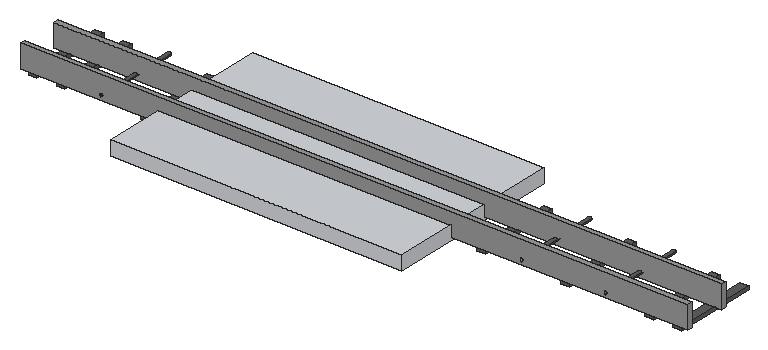
Revit family "1414-2, Veneer", category Generic Models, host Face, Revit 2020
Family settings
  Host = Face
  Can host rebar = No
  Round Connector Dimension = Use Diameter
  Part Type = Normal
  Cut with Voids When Loaded = No
  Shared = No
  Room Calculation Point = No
Parameters
  min_value [instance] = 2' - 4"  # constant formula
  max_value [instance] = 9' - 11 1/4"  # constant formula
  actual_value [instance] = if(NET LENGTH < min_value, min_value, if(NET LENGTH > max_value, max_value, NET LENGTH))  # 7' - 11 1/4"
  NET LENGTH [instance] = 7' - 11 1/4"
  IMPORTANT NOTE!!!                                                                             *Backer & dowel layout is for visualization purposes only, final layout to be determined by 9Wood. [instance] = ""
  Default Elevation = 4' - 0"
  DOWEL RADIUS [instance] = 0' - 0 1/4"  # constant formula
  BACKER & DOWEL MATERIAL [instance] = BLACK-BACKERS
  .. MEMBER WIDTH [instance] = 0' - 0 3/4"  # constant formula
  .. MEMBER MATERIAL [instance] = Veneer Cherry
  .. MEMBER DEPTH [instance] = 0' - 3 1/4"  # constant formula
  .. MEMBER COUNT [instance] = 2  # constant formula
Reference planes (in)
  plane 1 "Center (Front/Back)": y = 0
  plane 2: z = 0
  plane 3 "Center (Left/Right)": x = 0
Forms (in)
  Extrusion 1, solid
    sketch origin (0, 0, 0) x (1, 0, 0) y (0, 1, 0)
      loop
        line (-24.24823, 14.63962) -> (-24.24823, -10.69266) -> (17.36192, -10.69266) -> (17.36192, 14.63962) -> (-24.24823, 14.63962)
    from 0 to 2.0625
Dimensions and locks (in)
  aligned and locked: plane 2 to Extrusion 1
  aligned and locked: nested 1 to plane 2
Nested families (in)
  nested 1: "1400 series" at (-44.01308, -2.1224, -0.06061), NET LENGTH <- "actual_value", .. MEMBER DEPTH <- ".. MEMBER DEPTH", .. MEMBER WIDTH <- ".. MEMBER WIDTH", DOWEL RADIUS <- "DOWEL RADIUS", BACKER & DOWEL MATERIAL <- "BACKER & DOWEL MATERIAL", .. MEMBER MATERIAL <- ".. MEMBER MATERIAL", MEMBER COUNT <- ".. MEMBER COUNT", type "1400 series"
    with X 7' - 8", SCRIM MATERIAL SCRIM, SCRIM LENGTH 8' - 1", SCRIM APPEARANCE yes, SCRIM 2 0' - 0 7/8", SCRIM 1 0' - 0 3/32", OC TYP 1' - 0", NET LENGTH 7' - 11 1/4", N 8, MEMBER COUNT 2, INSET 2 0' - 0 3/16", INSET 0' - 1", HALF MEMBER WIDTH 0' - 0 3/8", END BACKER yes, DOWEL RADIUS 0' - 0 1/4", DOWEL INDEX 0' - 11 5/8", DOWEL COUNT 7, BACKING M COUNT 8, BACKER WIDTH 0' - 1 1/4", BACKER INDEX 0' - 5 5/8", BACKER DEPTH 0' - 0 1/2", BACKER & DOWEL MATERIAL BLACK-BACKERS, BACKER &  DOWEL LENGTH 0' - 11 7/8", .. MEMBER WIDTH 0' - 0 3/4", .. MEMBER OC TYP 0' - 6", .. MEMBER MATERIAL Veneer Cherry, .. MEMBER DEPTH 0' - 3 1/4"
Definition of nested family "1400 series"
  Parameters (values of type "1400 series")
    X [instance] = NET LENGTH - 0' 3 1/4"  # 7' - 2"
    SCRIM MATERIAL [instance] = none
    SCRIM APPEARANCE [instance] = yes
    SCRIM 2 [instance] = 0' - 0 7/8"  # constant formula
    SCRIM 1 [instance] = 0' - 0 3/32"  # constant formula
    OC TYP [instance] = 1' - 0"  # constant formula
    N [instance] = if((X - (rounddown(X / 1' 0") * 1' 0")) > 1' 0", rounddown(X / 1' 0") + 2, rounddown(X / 1' 0") + 1)  # 8
    MEMBER COUNT [instance] = 2
    INSET 5 = 0' - 0 11/16"  # constant formula
    INSET 2 [instance] = 0' - 0 3/16"  # constant formula
    INSET [instance] = 0' - 1"  # constant formula
    END BACKER [instance] = BACKER INDEX > 0' 3 5/8"  # no
    HALF MEMBER WIDTH [instance] = .. MEMBER WIDTH / 2  # 0' - 1 1/8"
    Default Elevation = 0' - 0"
    DOWEL RADIUS [instance] = 0' - 0 1/4"
    DOWEL INDEX [instance] = BACKER INDEX + 0' 6"  # 0' - 8 5/8"
    DOWEL COUNT [instance] = N - 1  # 7
    BACKER WIDTH [instance] = 0' - 1 1/4"  # constant formula
    BACKER INDEX [instance] = (NET LENGTH - ((N - 1) * 1' 0")) / 2  # 0' - 2 5/8"
    BACKER DEPTH [instance] = 0' - 0 1/2"  # constant formula
    BACKING M COUNT [instance] = N  # 8
    BACKER & DOWEL MATERIAL [instance] = none
    BACKER &  DOWEL LENGTH [instance] = 0' - 11 7/8"  # constant formula
    SCRIM LENGTH [instance] = NET LENGTH + (SCRIM 2 * 2)  # 7' - 7"
    .. MEMBER WIDTH [instance] = 0' - 2 1/4"
    .. MEMBER OC TYP [instance] = 1' 0" / MEMBER COUNT  # 0' - 6"
    .. MEMBER MATERIAL [instance] = none
    NET LENGTH [instance] = 7' - 5 1/4"
    .. MEMBER DEPTH [instance] = 0' - 4"
  Reference planes (in)
    plane 1 "Center (Front/Back)": y = 0
    plane 2: z = 0
    plane 3 "Center (Left/Right)": x = 0
    plane 4: x = 89.25
    plane 5: x = 1
    plane 6: x = 88.25
    plane 7: x = 2.625
    plane 8: x = 8.625
    plane 9: x = 14.625
    plane 10: x = 20.625
    plane 11: y = 0.1875
    plane 12: y = 1.125
    plane 13: y = 7.125
    plane 14: y = 12.0625
    plane 15: x = 90.125
    plane 16: x = -0.875
    plane 17: y = 12.15625
    plane 18: y = -0.09375
    plane 19: z = 2.7097
    plane 20: z = 0.56061
    plane 21: z = 1.24811
  Lines and regions (in)
    model lines, not visible
      curve 1: line (8.625, 0, 0.99811) -> (8.625, 0, 1.49811)
      curve 2: line (8.625, 0, 1.49811) -> (8.375, 0, 1.24811)
      curve 3: line (8.375, 0, 1.24811) -> (8.875, 0, 1.24811)
      curve 4: line (20.625, 0, 0.99811) -> (20.625, 0, 1.49811)
      curve 5: line (20.625, 0, 1.49811) -> (20.375, 0, 1.24811)
      curve 6: line (20.375, 0, 1.24811) -> (20.875, 0, 1.24811)
      curve 7: line (32.625, 0, 0.99811) -> (32.625, 0, 1.49811)
      curve 8: line (32.625, 0, 1.49811) -> (32.375, 0, 1.24811)
      curve 9: line (32.375, 0, 1.24811) -> (32.875, 0, 1.24811)
      curve 10: line (44.625, 0, 0.99811) -> (44.625, 0, 1.49811)
      curve 11: line (44.625, 0, 1.49811) -> (44.375, 0, 1.24811)
      curve 12: line (44.375, 0, 1.24811) -> (44.875, 0, 1.24811)
      curve 13: line (56.625, 0, 0.99811) -> (56.625, 0, 1.49811)
      curve 14: line (56.625, 0, 1.49811) -> (56.375, 0, 1.24811)
      curve 15: line (56.375, 0, 1.24811) -> (56.875, 0, 1.24811)
      curve 16: line (68.625, 0, 0.99811) -> (68.625, 0, 1.49811)
      curve 17: line (68.625, 0, 1.49811) -> (68.375, 0, 1.24811)
      curve 18: line (68.375, 0, 1.24811) -> (68.875, 0, 1.24811)
      curve 19: line (80.625, 0, 0.99811) -> (80.625, 0, 1.49811)
      curve 20: line (80.625, 0, 1.49811) -> (80.375, 0, 1.24811)
      curve 21: line (80.375, 0, 1.24811) -> (80.875, 0, 1.24811)
  Dimensions and locks (in)
    "INSET": plane 3 "Center (Left/Right)" to plane 5
    "NET LENGTH": plane 3 "Center (Left/Right)" to plane 4
    "INSET": plane 6 to plane 4
    "BACKER INDEX": plane 3 "Center (Left/Right)" to plane 7
    "DOWEL INDEX": plane 3 "Center (Left/Right)" to plane 8
    "OC TYP": plane 7 to plane 9
    "OC TYP": plane 8 to plane 10
    "INSET 2": plane 1 "Center (Front/Back)" to plane 11
    equal spacing: group 1, group 2, group 5, group 6, group 7, group 13, group 14, group 16  (x3)
    equal spacing: group 3, group 4, group 8, group 9, group 10, group 15, group 17  (x3)
    group 11 to group 12 = 0' - 0"  (x2)
    group 11 to group 12 = 0' - 6"
    ".. MEMBER OC TYP": plane 13 to plane 12
    "HALF MEMBER WIDTH": plane 1 "Center (Front/Back)" to plane 12
    "SCRIM 2": plane 16 to plane 3 "Center (Left/Right)"
    "SCRIM 2": plane 4 to plane 15
    "SCRIM 1": plane 18 to plane 1 "Center (Front/Back)"
    "SCRIM 1": plane 17 to plane 14
    "INSET 5": plane 21 to plane 20
    aligned and locked: level to plane 2
    aligned and locked: plane 7 to nested 2
    aligned and locked: plane 5 to nested 1
    aligned and locked: plane 9 to nested 3
    aligned and locked: nested 1 to plane 5
    aligned and locked: nested 2 to plane 11
    aligned and locked: nested 1 to plane 11
    aligned and locked: nested 3 to plane 11
    aligned and locked: nested 4 to plane 11  (x2)
    aligned and locked: plane 10 to nested 5
    aligned and locked: plane 6 to nested 12
    aligned and locked: nested 5 to plane 11
    aligned and locked: plane 11 to nested 12
    aligned and locked: plane 12 to nested 13
    aligned and locked: nested 14 to plane 13
    aligned and locked: plane 14 to nested 8
    aligned and locked: nested 13 to plane 20
    aligned and locked: plane 21 to nested 4
    aligned and locked: plane 21 to nested 5
    aligned and locked: nested 13 to plane 8
    aligned and locked: plane 10 to nested 13
    aligned and locked: curve 1 to nested 13
    aligned and locked: nested 13 to curve 4
    aligned and locked: plane 20 to nested 1
    aligned and locked: plane 20 to nested 2
    aligned and locked: nested 12 to plane 20
  Automatic sketch dimensions
    curve 3 to curve 1 = 0' - 0 1/4"  (x2)
    curve 1 to curve 3 = 0' - 0 1/4"
    curve 1 to curve 2 = 0' - 0 1/4"
    curve 6 to curve 4 = 0' - 0 1/4"  (x2)
    curve 4 to curve 6 = 0' - 0 1/4"
    curve 4 to curve 5 = 0' - 0 1/4"
    curve 9 to curve 7 = 0' - 0 1/4"  (x2)
    curve 7 to curve 9 = 0' - 0 1/4"
    curve 7 to curve 8 = 0' - 0 1/4"
    curve 12 to curve 10 = 0' - 0 1/4"  (x2)
    curve 10 to curve 12 = 0' - 0 1/4"
    curve 10 to curve 11 = 0' - 0 1/4"
    curve 15 to curve 13 = 0' - 0 1/4"  (x2)
    curve 13 to curve 15 = 0' - 0 1/4"
    curve 13 to curve 14 = 0' - 0 1/4"
    curve 18 to curve 16 = 0' - 0 1/4"  (x2)
    curve 16 to curve 18 = 0' - 0 1/4"
    curve 16 to curve 17 = 0' - 0 1/4"
    curve 21 to curve 19 = 0' - 0 1/4"  (x2)
    curve 19 to curve 21 = 0' - 0 1/4"
    curve 19 to curve 20 = 0' - 0 1/4"
  Nested families (in)
    nested 1: "INSTANCE - 3RD -  EXTEND BOTH SIDES - Parametric Cube.0001" at (1, 0.1875, 0.56061), Length <- "BACKER &  DOWEL LENGTH", Width <- "BACKER WIDTH", Height <- "BACKER DEPTH", Material <- "BACKER & DOWEL MATERIAL", visible <- "END BACKER", type "INSTANCE - 3RD -  EXTEND BOTH SIDES - Parametric Cube.0001"
      with Width 0' - 1 1/4", Material none, Length 0' - 11 7/8", Height 0' - 0 1/2"
    nested 2: "INSTANCE - 2ND -  EXTEND SIDE H CENTER W - Parametric Cube.0001" at (2.625, 0.1875, 0.56061), Width <- "BACKER WIDTH", Length <- "BACKER &  DOWEL LENGTH", Height <- "BACKER DEPTH", Material <- "BACKER & DOWEL MATERIAL", type "INSTANCE - 2ND -  EXTEND SIDE H CENTER W - Parametric Cube.0001"
      with Width 0' - 1 1/4", Material none, Length 0' - 11 7/8", Height 0' - 0 1/2"
    nested 3: "INSTANCE - 2ND -  EXTEND SIDE H CENTER W - Parametric Cube.0001" at (14.625, 0.1875, 0.56061), Width <- "BACKER WIDTH", Length <- "BACKER &  DOWEL LENGTH", Height <- "BACKER DEPTH", Material <- "BACKER & DOWEL MATERIAL", type "INSTANCE - 2ND -  EXTEND SIDE H CENTER W - Parametric Cube.0001"
      with Width 0' - 1 1/4", Material none, Length 0' - 11 7/8", Height 0' - 0 1/2"
    nested 4: "DOWEL" at (-1.375, 0.1875, 1.24811), DOWEL LENGTH <- "BACKER &  DOWEL LENGTH", DOWEL RADII <- "DOWEL RADIUS", BACKING MEM MATERIAL <- "BACKER & DOWEL MATERIAL", type "DOWEL"
      with DOWEL RADII 0' - 0 1/4", DOWEL LENGTH 0' - 11 7/8", BACKING MEM MATERIAL none
    nested 5: "DOWEL" at (10.625, 0.1875, 1.24811), DOWEL LENGTH <- "BACKER &  DOWEL LENGTH", DOWEL RADII <- "DOWEL RADIUS", BACKING MEM MATERIAL <- "BACKER & DOWEL MATERIAL", type "DOWEL"
      with DOWEL RADII 0' - 0 1/4", DOWEL LENGTH 0' - 11 7/8", BACKING MEM MATERIAL none
    nested 6: "INSTANCE - 2ND -  EXTEND SIDE H CENTER W - Parametric Cube.0001" at (26.625, 0.1875, 0.56061), Width <- "BACKER WIDTH", Length <- "BACKER &  DOWEL LENGTH", Height <- "BACKER DEPTH", Material <- "BACKER & DOWEL MATERIAL", type "INSTANCE - 2ND -  EXTEND SIDE H CENTER W - Parametric Cube.0001"
      with Width 0' - 1 1/4", Material none, Length 0' - 11 7/8", Height 0' - 0 1/2"
    nested 7: "INSTANCE - 2ND -  EXTEND SIDE H CENTER W - Parametric Cube.0001" at (38.625, 0.1875, 0.56061), Width <- "BACKER WIDTH", Length <- "BACKER &  DOWEL LENGTH", Height <- "BACKER DEPTH", Material <- "BACKER & DOWEL MATERIAL", type "INSTANCE - 2ND -  EXTEND SIDE H CENTER W - Parametric Cube.0001"
      with Width 0' - 1 1/4", Material none, Length 0' - 11 7/8", Height 0' - 0 1/2"
    nested 8: "INSTANCE - 2ND -  EXTEND SIDE H CENTER W - Parametric Cube.0001" at (50.625, 0.1875, 0.56061), Width <- "BACKER WIDTH", Length <- "BACKER &  DOWEL LENGTH", Height <- "BACKER DEPTH", Material <- "BACKER & DOWEL MATERIAL", type "INSTANCE - 2ND -  EXTEND SIDE H CENTER W - Parametric Cube.0001"
      with Width 0' - 1 1/4", Material none, Length 0' - 11 7/8", Height 0' - 0 1/2"
    nested 9: "DOWEL" at (22.625, 0.1875, 1.24811), DOWEL LENGTH <- "BACKER &  DOWEL LENGTH", DOWEL RADII <- "DOWEL RADIUS", BACKING MEM MATERIAL <- "BACKER & DOWEL MATERIAL", type "DOWEL"
      with DOWEL RADII 0' - 0 1/4", DOWEL LENGTH 0' - 11 7/8", BACKING MEM MATERIAL none
    nested 10: "DOWEL" at (34.625, 0.1875, 1.24811), DOWEL LENGTH <- "BACKER &  DOWEL LENGTH", DOWEL RADII <- "DOWEL RADIUS", BACKING MEM MATERIAL <- "BACKER & DOWEL MATERIAL", type "DOWEL"
      with DOWEL RADII 0' - 0 1/4", DOWEL LENGTH 0' - 11 7/8", BACKING MEM MATERIAL none
    nested 11: "DOWEL" at (46.625, 0.1875, 1.24811), DOWEL LENGTH <- "BACKER &  DOWEL LENGTH", DOWEL RADII <- "DOWEL RADIUS", BACKING MEM MATERIAL <- "BACKER & DOWEL MATERIAL", type "DOWEL"
      with DOWEL RADII 0' - 0 1/4", DOWEL LENGTH 0' - 11 7/8", BACKING MEM MATERIAL none
    nested 12: "INSTANCE - 3RD -  EXTEND BOTH SIDES - Parametric Cube.0001" at (88.25, 0.1875, 0.56061) x (-1, 0, 0) z (0, 0, 1), Width <- "BACKER WIDTH", Length <- "BACKER &  DOWEL LENGTH", Height <- "BACKER DEPTH", Material <- "BACKER & DOWEL MATERIAL", visible <- "END BACKER", type "INSTANCE - 3RD -  EXTEND BOTH SIDES - Parametric Cube.0001"
      with Width 0' - 1 1/4", Material none, Length 0' - 11 7/8", Height 0' - 0 1/2"
    nested 13: "HOLED MEMBER" at (0, -9.75, 8.12965), DOWEL INDEX <- "DOWEL INDEX", .. MEMBER LENGTH <- "NET LENGTH", .. MEMBER WIDTH <- ".. MEMBER WIDTH", DOWEL OC DIST <- "OC TYP", DOWEL RADII <- "DOWEL RADIUS", Material <- ".. MEMBER MATERIAL", DEPTH <- ".. MEMBER DEPTH", DOWEL COUNT <- "DOWEL COUNT", Space <- "INSET 5", type "HOLED MEMBER"
      with Space 0' - 0 11/16", Material none, Height 0' - 10.43096", HALF MEMBER WIDTH 0' - 1 1/8", DOWEL RADII 0' - 0 1/4", DOWEL OC DIST 1' - 0", DOWEL INDEX 0' - 8 5/8", DOWEL COUNT 7, DEPTH 0' - 4", .. MEMBER WIDTH 0' - 2 1/4", .. MEMBER LENGTH 7' - 5 1/4"
    nested 14: "HOLED MEMBER" at (0, -3.75, 8.12965), DOWEL INDEX <- "DOWEL INDEX", .. MEMBER LENGTH <- "NET LENGTH", .. MEMBER WIDTH <- ".. MEMBER WIDTH", DOWEL OC DIST <- "OC TYP", DOWEL RADII <- "DOWEL RADIUS", Material <- ".. MEMBER MATERIAL", DEPTH <- ".. MEMBER DEPTH", DOWEL COUNT <- "DOWEL COUNT", Space <- "INSET 5", type "HOLED MEMBER"
      with Space 0' - 0 11/16", Material none, Height 0' - 10.43096", HALF MEMBER WIDTH 0' - 1 1/8", DOWEL RADII 0' - 0 1/4", DOWEL OC DIST 1' - 0", DOWEL INDEX 0' - 8 5/8", DOWEL COUNT 7, DEPTH 0' - 4", .. MEMBER WIDTH 0' - 2 1/4", .. MEMBER LENGTH 7' - 5 1/4"
    nested 15: "INSTANCE - 2ND -  EXTEND SIDE H CENTER W - Parametric Cube.0001" at (62.625, 0.1875, 0.56061), Width <- "BACKER WIDTH", Length <- "BACKER &  DOWEL LENGTH", Height <- "BACKER DEPTH", Material <- "BACKER & DOWEL MATERIAL", type "INSTANCE - 2ND -  EXTEND SIDE H CENTER W - Parametric Cube.0001"
      with Width 0' - 1 1/4", Material none, Length 0' - 11 7/8", Height 0' - 0 1/2"
    nested 16: "INSTANCE - 2ND -  EXTEND SIDE H CENTER W - Parametric Cube.0001" at (74.625, 0.1875, 0.56061), Width <- "BACKER WIDTH", Length <- "BACKER &  DOWEL LENGTH", Height <- "BACKER DEPTH", Material <- "BACKER & DOWEL MATERIAL", type "INSTANCE - 2ND -  EXTEND SIDE H CENTER W - Parametric Cube.0001"
      with Width 0' - 1 1/4", Material none, Length 0' - 11 7/8", Height 0' - 0 1/2"
    nested 17: "DOWEL" at (58.625, 0.1875, 1.24811), DOWEL LENGTH <- "BACKER &  DOWEL LENGTH", DOWEL RADII <- "DOWEL RADIUS", BACKING MEM MATERIAL <- "BACKER & DOWEL MATERIAL", type "DOWEL"
      with DOWEL RADII 0' - 0 1/4", DOWEL LENGTH 0' - 11 7/8", BACKING MEM MATERIAL none
    nested 18: "INSTANCE - 2ND -  EXTEND SIDE H CENTER W - Parametric Cube.0001" at (86.625, 0.1875, 0.56061), Width <- "BACKER WIDTH", Length <- "BACKER &  DOWEL LENGTH", Height <- "BACKER DEPTH", Material <- "BACKER & DOWEL MATERIAL", type "INSTANCE - 2ND -  EXTEND SIDE H CENTER W - Parametric Cube.0001"
      with Width 0' - 1 1/4", Material none, Length 0' - 11 7/8", Height 0' - 0 1/2"
    nested 19: "DOWEL" at (70.625, 0.1875, 1.24811), DOWEL LENGTH <- "BACKER &  DOWEL LENGTH", DOWEL RADII <- "DOWEL RADIUS", BACKING MEM MATERIAL <- "BACKER & DOWEL MATERIAL", type "DOWEL"
      with DOWEL RADII 0' - 0 1/4", DOWEL LENGTH 0' - 11 7/8", BACKING MEM MATERIAL none
  Definition of nested family "INSTANCE - 3RD -  EXTEND BOTH SIDES - Parametric Cube.0001"
    Parameters (values of type "INSTANCE - 3RD -  EXTEND BOTH SIDES - Parametric Cube.0001")
      Width [instance] = 0' - 6"
      Material [instance] = none
      Length [instance] = 1' - 0"
      Height [instance] = 1' - 6"
      Default Elevation = 0' - 0"
    Reference planes (in)
      plane 1 "Center (Front/Back)": y = 0
      plane 2: z = 0
      plane 3 "Center (Left/Right)": x = 0
      plane 4: x = 6
      plane 5: y = 12
      plane 6: z = -18
    Forms (in)
      Extrusion 1, solid, material <- "Material"
        sketch origin (0, 6, 0) x (1, 0, 0) y (0, 1, 0)
          loop
            line (0, 6) -> (0, -6) -> (6, -6) -> (6, 6) -> (0, 6)
        from -18 to 0
    Dimensions and locks (in)
      "Height": plane 6 to level
      "Length": plane 1 "Center (Front/Back)" to plane 5
      "Width": plane 3 "Center (Left/Right)" to plane 4
      aligned and locked: plane 2 to level
      aligned and locked: Extrusion 1 sketch curve to plane 4
      aligned and locked: Extrusion 1 to plane 6
      aligned and locked: plane 5 to Extrusion 1
      aligned and locked: Extrusion 1 to plane 3 "Center (Left/Right)"
    Automatic sketch dimensions
      plane 1 "Center (Front/Back)" to Extrusion 1 sketch curve = 0' - 0"
      plane 5 to Extrusion 1 sketch curve = 0' - 0"
      Extrusion 1 sketch curve to plane 3 "Center (Left/Right)" = 0' - 0"
  Definition of nested family "INSTANCE - 2ND -  EXTEND SIDE H CENTER W - Parametric Cube.0001"
    Parameters (values of type "INSTANCE - 2ND -  EXTEND SIDE H CENTER W - Parametric Cube.0001")
      Width [instance] = 0' - 6"
      Material [instance] = none
      Length [instance] = 1' - 0"
      Height [instance] = 1' - 6"
      Default Elevation = 0' - 0"
    Reference planes (in)
      plane 1 "Center (Front/Back)": y = 0
      plane 2: z = 0
      plane 3 "Center (Left/Right)": x = 0
      plane 4: x = -3
      plane 5: x = 3
      plane 6: y = 12
      plane 7: z = -18
    Forms (in)
      Extrusion 1, solid, material <- "Material"
        sketch origin (0, 6, 0) x (1, 0, 0) y (0, 1, 0)
          loop
            line (-3, 6) -> (-3, -6) -> (3, -6) -> (3, 6) -> (-3, 6)
        from -18 to 0
    Dimensions and locks (in)
      equal spacing: plane 4, plane 3 "Center (Left/Right)", plane 5
      "Width": plane 4 to plane 5
      "Height": plane 7 to level
      "Length": plane 1 "Center (Front/Back)" to plane 6
      aligned and locked: plane 2 to level
      aligned and locked: plane 4 to Extrusion 1 sketch curve
      aligned and locked: Extrusion 1 sketch curve to plane 5
      aligned and locked: Extrusion 1 to plane 7
      aligned and locked: plane 6 to Extrusion 1
    Automatic sketch dimensions
      plane 1 "Center (Front/Back)" to Extrusion 1 sketch curve = 0' - 0"
      plane 6 to Extrusion 1 sketch curve = 0' - 0"
  Definition of nested family "DOWEL"
    Parameters (values of type "DOWEL")
      Default Elevation = 0' - 0"
      DOWEL RADII [instance] = 0' - 0 5/8"
      DOWEL LENGTH [instance] = 1' - 0"
      BACKING MEM MATERIAL [instance] = none
    Reference planes (in)
      plane 1 "Center (Front/Back)": y = 0
      plane 2: z = 0
      plane 3 "Center (Left/Right)": x = 0
      plane 4: y = 12
    Forms (in)
      Extrusion 1, solid, material <- "BACKING MEM MATERIAL"
        sketch origin (10, 0, 0) x (1, 0, 0) y (0, 0, 1)
          loop
            circle (0, 0) r 0.625
        from 0 to -12
      Extrusion 2, solid, not visible
        sketch origin (0, 0, 0) x (1, 0, 0) y (0, 0, 1)
          loop
            circle (0, 0) r 0.625
        from 0 to 12
      Extrusion 3, solid, not visible
        sketch origin (10, 0, 0) x (1, 0, 0) y (0, 0, 1)
          loop
            circle (0, 0) r 0.625
        from 0 to 2.5
      Extrusion 4, solid, not visible
        sketch origin (10, 0, 0) x (1, 0, 0) y (0, 0, 1)
          loop
            circle (0, 0) r 0.625
        from 0 to -12
    Lines and regions (in)
      model lines, not visible
        curve 1: line (-13, 0, 0) -> (-13, -12, 0)
        curve 2: line (13, 0, 0) -> (13, -12, 0)
        curve 3: line (9.89453, 0, 0) -> (10.08794, 0, 0)
        curve 4: line (9.89453, -2.5, 0) -> (10.08794, -2.5, 0)
        curve 6: line (10, 0, 0) -> (10, 2, 0)
      model lines
        curve 5: line (10, 0, 0) -> (10, 2, 0)
    Dimensions and locks (in)
      "DOWEL LENGTH": plane 1 "Center (Front/Back)" to plane 4
      "DOWEL RADII": radius of Extrusion 1 sketch curve
      "DOWEL RADII": radius of Extrusion 2 sketch curve
      "DOWEL RADII": radius of Extrusion 3 sketch curve
      "DOWEL RADII": radius of Extrusion 4 sketch curve
      "DOWEL RADII": radius of Extrusion 1
      aligned and locked: plane 2 to level
      aligned and locked: Extrusion 1 to plane 1 "Center (Front/Back)"  (x3)
      aligned and locked: plane 1 "Center (Front/Back)" to Extrusion 1
      aligned and locked: plane 4 to Extrusion 1
    Automatic sketch dimensions
      plane 1 "Center (Front/Back)" to curve 5 = 0' - 0"
      curve 5 to plane 1 "Center (Front/Back)" = 0' - 2"
      plane 3 "Center (Left/Right)" to curve 5 = 0' - 10"
      Extrusion 1 sketch curve to level = 0' - 0"
      plane 3 "Center (Left/Right)" to Extrusion 1 sketch curve = 0' - 10"
  Definition of nested family "HOLED MEMBER"
    Parameters (values of type "HOLED MEMBER")
      Space [instance] = 0' - 0 5/8"
      Material [instance] = none
      Height [instance] = 0' - 10.43096"
      HALF MEMBER WIDTH [instance] = .. MEMBER WIDTH / 2  # 0' - 0 5/16"
      Default Elevation = 0' - 0"
      DOWEL RADII [instance] = 0' - 0.34537"
      DOWEL OC DIST [instance] = 1' - 0"
      DOWEL INSET = 0' - 0 5/8"
      DOWEL INDEX [instance] = 0' - 5 5/8"
      DOWEL COUNT [instance] = 6
      DEPTH [instance] = 0' - 2"
      .. MEMBER WIDTH [instance] = 0' - 0 5/8"
      .. MEMBER LENGTH [instance] = 5' - 11 3/4"
    Reference planes (in)
      plane 1 "Center (Front/Back)": y = 12
      plane 2: z = -7.56904
      plane 3 "Center (Left/Right)": x = 0
      plane 4: x = 5.625
      plane 5: x = 17.625
      plane 6: y = 11.375
      plane 7: x = 71.75
      plane 8: y = 11.6875
      plane 9: z = -6.94404
      plane 10: z = -5.56904
    Forms (in)
      Extrusion 1, solid, material <- "Material"
        sketch origin (0, 12, -13.56904) x (1, 0, 0) y (0, 0, 1)
          loop
            line (0, 6) -> (71.75, 6) -> (71.75, 8) -> (0, 8) -> (0, 6)
        from 0.625 to 0
      Extrusion 2, void
        sketch origin (0, 12, -18.31904) x (1, 0, 0) y (0, 0, 1)
          loop
            circle (5.625, 11.375) r 0.34537
        from 0 to 12
      Extrusion 3, void, not visible
        sketch origin (0, 0, 0) x (1, 0, 0) y (0, 1, 0)
          loop
            circle (5.625, 11.375) r 0.34537
        from 0 to 12
      Extrusion 4, void, not visible
        sketch origin (0, 0, 0) x (1, 0, 0) y (0, 1, 0)
          loop
            circle (5.625, 11.375) r 0.34537
        from 0 to 12
      Extrusion 5, void, not visible
        sketch origin (12, 0, 0) x (1, 0, 0) y (0, 1, 0)
          loop
            circle (5.625, 11.375) r 0.34537
        from 0 to 12
      Extrusion 6, void, not visible
        sketch origin (0, 12, -17.56904) x (1, 0, 0) y (0, 0, 1)
          loop
            circle (5.625, 11.375) r 0.34537
        from 0 to 12
      Extrusion 7, void, not visible
        sketch origin (12, 12, -17.56904) x (1, 0, 0) y (0, 0, 1)
          loop
            circle (5.625, 11.375) r 0.34537
        from 0 to 12
      Extrusion 8, void, not visible
        sketch origin (0, 12, -19.56904) x (1, 0, 0) y (0, 0, 1)
          loop
            circle (5.625, 11.375) r 0.34537
        from 0 to 12
      Extrusion 9, void
        sketch origin (12, 12, -18.31904) x (1, 0, 0) y (0, 0, 1)
          loop
            circle (5.625, 11.375) r 0.34537
        from 0 to 12
      Extrusion 10, void
        sketch origin (24, 12, -18.31904) x (1, 0, 0) y (0, 0, 1)
          loop
            circle (5.625, 11.375) r 0.34537
        from 0 to 12
      Extrusion 11, void
        sketch origin (36, 12, -18.31904) x (1, 0, 0) y (0, 0, 1)
          loop
            circle (5.625, 11.375) r 0.34537
        from 0 to 12
      Extrusion 12, void
        sketch origin (48, 12, -18.31904) x (1, 0, 0) y (0, 0, 1)
          loop
            circle (5.625, 11.375) r 0.34537
        from 0 to 12
      Extrusion 13, void
        sketch origin (60, 12, -18.31904) x (1, 0, 0) y (0, 0, 1)
          loop
            circle (5.625, 11.375) r 0.34537
        from 0 to 12
      Extrusion 14, void, not visible
        sketch origin (24, 12, -17.56904) x (1, 0, 0) y (0, 0, 1)
          loop
            circle (5.625, 11.375) r 0.34537
        from 0 to 12
      Extrusion 15, void, not visible
        sketch origin (36, 12, -17.56904) x (1, 0, 0) y (0, 0, 1)
          loop
            circle (5.625, 11.375) r 0.34537
        from 0 to 12
      Extrusion 16, void, not visible
        sketch origin (48, 12, -17.56904) x (1, 0, 0) y (0, 0, 1)
          loop
            circle (5.625, 11.375) r 0.34537
        from 0 to 12
      Extrusion 17, void, not visible
        sketch origin (60, 12, -17.56904) x (1, 0, 0) y (0, 0, 1)
          loop
            circle (5.625, 11.375) r 0.34537
        from 0 to 12
      Extrusion 18, void, not visible
        sketch origin (24, 0, 0) x (1, 0, 0) y (0, 1, 0)
          loop
            circle (5.625, 11.375) r 0.34537
        from 0 to 12
      Extrusion 19, void, not visible
        sketch origin (36, 0, 0) x (1, 0, 0) y (0, 1, 0)
          loop
            circle (5.625, 11.375) r 0.34537
        from 0 to 12
      Extrusion 20, void, not visible
        sketch origin (48, 0, 0) x (1, 0, 0) y (0, 1, 0)
          loop
            circle (5.625, 11.375) r 0.34537
        from 0 to 12
      Extrusion 21, void, not visible
        sketch origin (60, 0, 0) x (1, 0, 0) y (0, 1, 0)
          loop
            circle (5.625, 11.375) r 0.34537
        from 0 to 12
    Cuts and joins
      Extrusion 2, Extrusion 9, Extrusion 10, Extrusion 11, Extrusion 12, Extrusion 13 cuts Extrusion 1
    Lines and regions (in)
      model lines, not visible
        curve 1: line (5.625, 11.72037, 0) -> (5.625, 11.02963, 0)
        curve 2: line (5.625, 11.72037, 0) -> (5.625, 11.02963, 0)
        curve 3: line (17.625, 11.72037, 0) -> (17.625, 11.02963, 0)
        curve 4: line (5.625, 12, -7.56904) -> (5.625, 11.87317, -7.56904)
        curve 5: line (5.625, 11.87317, -7.56904) -> (5.06195, 11.87317, -7.56904)
        curve 6: line (5.06195, 11.87317, -7.56904) -> (5.27963, 11.375, -7.56904)
        curve 7: line (0, 12, -6.19404) -> (0, 11.61951, -6.19404)
        curve 9: line (0, 11.375, -8.19404) -> (0, 11.6747, -8.19404)
        curve 10: line (5.625, 12, -7.56904) -> (5.625, 11.69863, -7.56904)
        curve 11: line (5.625, 12, -7.56904) -> (5.625, 11.69863, -7.56904)
        curve 12: line (5.625, 10.75, 0) -> (5.625, 10.75, 0.30137)
        curve 13: line (5.625, 10.75, 0) -> (5.625, 10.75, 0.30137)
        curve 14: line (17.625, 10.75, 0) -> (17.625, 10.75, 0.30137)
        curve 15: line (5.625, 12, -6.81904) -> (5.625, 11.69863, -6.81904)
        curve 16: line (17.625, 12, -6.81904) -> (17.625, 11.69863, -6.81904)
        curve 17: line (5.625, 12, -8.81904) -> (5.625, 11.69863, -8.81904)
        curve 18: line (17.625, 12, -7.56904) -> (17.625, 11.69863, -7.56904)
        curve 19: line (29.625, 12, -7.56904) -> (29.625, 11.69863, -7.56904)
        curve 20: line (41.625, 12, -7.56904) -> (41.625, 11.69863, -7.56904)
        curve 21: line (53.625, 12, -7.56904) -> (53.625, 11.69863, -7.56904)
        curve 22: line (65.625, 12, -7.56904) -> (65.625, 11.69863, -7.56904)
        curve 23: line (29.625, 12, -6.81904) -> (29.625, 11.69863, -6.81904)
        curve 24: line (41.625, 12, -6.81904) -> (41.625, 11.69863, -6.81904)
        curve 25: line (53.625, 12, -6.81904) -> (53.625, 11.69863, -6.81904)
        curve 26: line (65.625, 12, -6.81904) -> (65.625, 11.69863, -6.81904)
        curve 27: line (29.625, 11.72037, 0) -> (29.625, 11.02963, 0)
        curve 28: line (29.625, 10.75, 0) -> (29.625, 10.75, 0.30137)
        curve 29: line (41.625, 11.72037, 0) -> (41.625, 11.02963, 0)
        curve 30: line (41.625, 10.75, 0) -> (41.625, 10.75, 0.30137)
        curve 31: line (53.625, 11.72037, 0) -> (53.625, 11.02963, 0)
        curve 32: line (53.625, 10.75, 0) -> (53.625, 10.75, 0.30137)
        curve 33: line (65.625, 11.72037, 0) -> (65.625, 11.02963, 0)
        curve 34: line (65.625, 10.75, 0) -> (65.625, 10.75, 0.30137)
        curve 35: line (5.27963, 12, -6.94404) -> (5.97037, 12, -6.94404)
        curve 36: line (5.97037, 12, -6.94404) -> (5.625, 12, -6.59867)
        curve 37: line (5.625, 12, -6.59867) -> (5.625, 12, -7.28941)
        curve 38: line (5.27963, 11.375, 0) -> (5.97037, 11.375, 0)
        curve 39: line (5.97037, 11.375, 0) -> (5.625, 11.72037, 0)
        curve 40: line (5.625, 11.72037, 0) -> (5.625, 11.02963, 0)
        curve 41: line (5.27963, 11.375, 0) -> (5.97037, 11.375, 0)
        curve 42: line (5.97037, 11.375, 0) -> (5.625, 11.72037, 0)
        curve 43: line (5.625, 11.72037, 0) -> (5.625, 11.02963, 0)
        curve 44: line (17.27963, 11.375, 0) -> (17.97037, 11.375, 0)
        curve 45: line (17.97037, 11.375, 0) -> (17.625, 11.72037, 0)
        curve 46: line (17.625, 11.72037, 0) -> (17.625, 11.02963, 0)
        curve 47: line (5.27963, 12, -6.19404) -> (5.97037, 12, -6.19404)
        curve 48: line (5.97037, 12, -6.19404) -> (5.625, 12, -5.84867)
        curve 49: line (5.625, 12, -5.84867) -> (5.625, 12, -6.53941)
        curve 50: line (17.27963, 12, -6.19404) -> (17.97037, 12, -6.19404)
        curve 51: line (17.97037, 12, -6.19404) -> (17.625, 12, -5.84867)
        curve 52: line (17.625, 12, -5.84867) -> (17.625, 12, -6.53941)
        curve 53: line (5.27963, 12, -8.19404) -> (5.97037, 12, -8.19404)
        curve 54: line (5.97037, 12, -8.19404) -> (5.625, 12, -7.84867)
        curve 55: line (5.625, 12, -7.84867) -> (5.625, 12, -8.53941)
        curve 56: line (17.27963, 12, -6.94404) -> (17.97037, 12, -6.94404)
        curve 57: line (17.97037, 12, -6.94404) -> (17.625, 12, -6.59867)
        curve 58: line (17.625, 12, -6.59867) -> (17.625, 12, -7.28941)
        curve 59: line (29.27963, 12, -6.94404) -> (29.97037, 12, -6.94404)
        curve 60: line (29.97037, 12, -6.94404) -> (29.625, 12, -6.59867)
        curve 61: line (29.625, 12, -6.59867) -> (29.625, 12, -7.28941)
        curve 62: line (41.27963, 12, -6.94404) -> (41.97037, 12, -6.94404)
        curve 63: line (41.97037, 12, -6.94404) -> (41.625, 12, -6.59867)
        curve 64: line (41.625, 12, -6.59867) -> (41.625, 12, -7.28941)
        curve 65: line (53.27963, 12, -6.94404) -> (53.97037, 12, -6.94404)
        curve 66: line (53.97037, 12, -6.94404) -> (53.625, 12, -6.59867)
        curve 67: line (53.625, 12, -6.59867) -> (53.625, 12, -7.28941)
        curve 68: line (65.27963, 12, -6.94404) -> (65.97037, 12, -6.94404)
        curve 69: line (65.97037, 12, -6.94404) -> (65.625, 12, -6.59867)
        curve 70: line (65.625, 12, -6.59867) -> (65.625, 12, -7.28941)
        curve 71: line (29.27963, 12, -6.19404) -> (29.97037, 12, -6.19404)
        curve 72: line (29.97037, 12, -6.19404) -> (29.625, 12, -5.84867)
        curve 73: line (29.625, 12, -5.84867) -> (29.625, 12, -6.53941)
        curve 74: line (41.27963, 12, -6.19404) -> (41.97037, 12, -6.19404)
        curve 75: line (41.97037, 12, -6.19404) -> (41.625, 12, -5.84867)
        curve 76: line (41.625, 12, -5.84867) -> (41.625, 12, -6.53941)
        curve 77: line (53.27963, 12, -6.19404) -> (53.97037, 12, -6.19404)
        curve 78: line (53.97037, 12, -6.19404) -> (53.625, 12, -5.84867)
        curve 79: line (53.625, 12, -5.84867) -> (53.625, 12, -6.53941)
        curve 80: line (65.27963, 12, -6.19404) -> (65.97037, 12, -6.19404)
        curve 81: line (65.97037, 12, -6.19404) -> (65.625, 12, -5.84867)
        curve 82: line (65.625, 12, -5.84867) -> (65.625, 12, -6.53941)
        curve 83: line (29.27963, 11.375, 0) -> (29.97037, 11.375, 0)
        curve 84: line (29.97037, 11.375, 0) -> (29.625, 11.72037, 0)
        curve 85: line (29.625, 11.72037, 0) -> (29.625, 11.02963, 0)
        curve 86: line (41.27963, 11.375, 0) -> (41.97037, 11.375, 0)
        curve 87: line (41.97037, 11.375, 0) -> (41.625, 11.72037, 0)
        curve 88: line (41.625, 11.72037, 0) -> (41.625, 11.02963, 0)
        curve 89: line (53.27963, 11.375, 0) -> (53.97037, 11.375, 0)
        curve 90: line (53.97037, 11.375, 0) -> (53.625, 11.72037, 0)
        curve 91: line (53.625, 11.72037, 0) -> (53.625, 11.02963, 0)
        curve 92: line (65.27963, 11.375, 0) -> (65.97037, 11.375, 0)
        curve 93: line (65.97037, 11.375, 0) -> (65.625, 11.72037, 0)
        curve 94: line (65.625, 11.72037, 0) -> (65.625, 11.02963, 0)
      model lines
        curve 8: line (5.625, 12, -7.56904) -> (5.625, 11.69863, -7.56904)
    Dimensions and locks (in)
      "DOWEL INDEX": plane 3 "Center (Left/Right)" to plane 4
      "DOWEL OC DIST": plane 4 to plane 5
      ".. MEMBER LENGTH": plane 3 "Center (Left/Right)" to plane 7
      equal spacing: group 3, group 4, group 21, group 22, group 23, group 24  (x3)
      equal spacing: group 7, group 8, group 17, group 18, group 19, group 20  (x3)
      ".. MEMBER WIDTH": plane 6 to plane 1 "Center (Front/Back)"
      "HALF MEMBER WIDTH": plane 8 to plane 1 "Center (Front/Back)"
      equal spacing: group 1, group 12, group 13, group 14, group 15, group 16  (x2)
      equal spacing: group 16, group 15, group 14, group 13, group 12, group 1
      "DEPTH": plane 10 to level
      "Space": plane 9 to level
      "DOWEL RADII": radius of Extrusion 2 sketch curve
      "DOWEL RADII": radius of Extrusion 3 sketch curve
      "DOWEL RADII": radius of Extrusion 4 sketch curve
      "DOWEL RADII": radius of Extrusion 5 sketch curve
      "DOWEL RADII": radius of Extrusion 6 sketch curve
      "DOWEL RADII": radius of Extrusion 7 sketch curve
      "DOWEL RADII": radius of Extrusion 8 sketch curve
      "DOWEL RADII": radius of Extrusion 9 sketch curve
      "DOWEL RADII": radius of Extrusion 10 sketch curve
      "DOWEL RADII": radius of Extrusion 11 sketch curve
      "DOWEL RADII": radius of Extrusion 12 sketch curve
      "DOWEL RADII": radius of Extrusion 13 sketch curve
      "DOWEL RADII": radius of Extrusion 14 sketch curve
      "DOWEL RADII": radius of Extrusion 15 sketch curve
      "DOWEL RADII": radius of Extrusion 16 sketch curve
      "DOWEL RADII": radius of Extrusion 17 sketch curve
      "DOWEL RADII": radius of Extrusion 18 sketch curve
      "DOWEL RADII": radius of Extrusion 19 sketch curve
      "DOWEL RADII": radius of Extrusion 20 sketch curve
      "DOWEL RADII": radius of Extrusion 21 sketch curve
      aligned and locked: level to plane 2
      aligned and locked: Extrusion 1 to plane 3 "Center (Left/Right)"  (x2)
      aligned and locked: plane 7 to cut or joined group of Extrusion 1, Extrusion 2, Extrusion 9, Extrusion 10, Extrusion 11, Extrusion 12, Extrusion 13  (x2)
      aligned and locked: cut or joined group of Extrusion 1, Extrusion 2, Extrusion 9, Extrusion 10, Extrusion 11, Extrusion 12, Extrusion 13 to plane 1 "Center (Front/Back)"  (x2)
      aligned and locked: cut or joined group of Extrusion 1, Extrusion 2, Extrusion 9, Extrusion 10, Extrusion 11, Extrusion 12, Extrusion 13 to plane 6  (x2)
      aligned and locked: plane 4 to curve 11
      aligned and locked: curve 18 to plane 5
      aligned and locked: plane 4 to group 1
      aligned and locked: group 12 to plane 5
      aligned and locked: curve 35 to plane 9
      aligned and locked: plane 4 to curve 37
      aligned and locked: curve 56 to plane 9
      aligned and locked: curve 58 to plane 5
      aligned and locked: plane 10 to cut or joined group of Extrusion 1, Extrusion 2, Extrusion 9, Extrusion 10, Extrusion 11, Extrusion 12, Extrusion 13  (x2)
      aligned and locked: cut or joined group of Extrusion 1, Extrusion 2, Extrusion 9, Extrusion 10, Extrusion 11, Extrusion 12, Extrusion 13 to level
      aligned and locked: level to cut or joined group of Extrusion 1, Extrusion 2, Extrusion 9, Extrusion 10, Extrusion 11, Extrusion 12, Extrusion 13
    Automatic sketch dimensions
      curve 1 to curve 1 = 0' - 0.69074"
      curve 2 to curve 2 = 0' - 0.69074"
      curve 3 to curve 3 = 0' - 0.69074"
      Extrusion 1 sketch curve to plane 3 "Center (Left/Right)" = 0' - 0"
      Extrusion 1 sketch curve to plane 7 = 0' - 0"
      Extrusion 1 sketch curve to Extrusion 1 sketch curve = 0' - 2"
      Extrusion 1 sketch curve to level = 0' - 0"
      curve 8 to curve 8 = 0' - 0.30137"
      curve 10 to curve 10 = 0' - 0.30137"
      curve 8 to plane 4 = 0' - 0"
      plane 1 "Center (Front/Back)" to curve 8 = 0' - 0"
      plane 1 "Center (Front/Back)" to curve 8 = 0' - 0.30137"
      curve 11 to curve 11 = 0' - 0.30137"
      curve 12 to curve 12 = 0' - 0.30137"
      curve 13 to curve 13 = 0' - 0.30137"
      curve 14 to curve 14 = 0' - 0.30137"
      curve 15 to curve 15 = 0' - 0.30137"
      curve 16 to curve 16 = 0' - 0.30137"
      curve 17 to curve 17 = 0' - 0.30137"
      curve 18 to curve 18 = 0' - 0.30137"
      curve 19 to curve 19 = 0' - 0.30137"
      curve 20 to curve 20 = 0' - 0.30137"
      curve 21 to curve 21 = 0' - 0.30137"
      curve 22 to curve 22 = 0' - 0.30137"
      curve 23 to curve 23 = 0' - 0.30137"
      curve 24 to curve 24 = 0' - 0.30137"
      curve 25 to curve 25 = 0' - 0.30137"
      curve 26 to curve 26 = 0' - 0.30137"
      curve 27 to curve 27 = 0' - 0.69074"
      curve 28 to curve 28 = 0' - 0.30137"
      curve 29 to curve 29 = 0' - 0.69074"
      curve 30 to curve 30 = 0' - 0.30137"
      curve 31 to curve 31 = 0' - 0.69074"
      curve 32 to curve 32 = 0' - 0.30137"
      curve 33 to curve 33 = 0' - 0.69074"
      curve 34 to curve 34 = 0' - 0.30137"
      curve 37 to curve 35 = 0' - 0.34537"  (x2)
      curve 35 to curve 36 = 0' - 0.34537"
      curve 35 to curve 37 = 0' - 0.34537"
      curve 40 to curve 38 = 0' - 0.34537"  (x2)
      curve 38 to curve 39 = 0' - 0.34537"
      curve 38 to curve 40 = 0' - 0.34537"
      curve 43 to curve 41 = 0' - 0.34537"  (x2)
      curve 41 to curve 42 = 0' - 0.34537"
      curve 41 to curve 43 = 0' - 0.34537"
      curve 46 to curve 44 = 0' - 0.34537"  (x2)
      curve 44 to curve 45 = 0' - 0.34537"
      curve 44 to curve 46 = 0' - 0.34537"
      curve 49 to curve 47 = 0' - 0.34537"  (x2)
      curve 47 to curve 48 = 0' - 0.34537"
      curve 47 to curve 49 = 0' - 0.34537"
      curve 52 to curve 50 = 0' - 0.34537"  (x2)
      curve 50 to curve 51 = 0' - 0.34537"
      curve 50 to curve 52 = 0' - 0.34537"
      curve 55 to curve 53 = 0' - 0.34537"  (x2)
      curve 53 to curve 54 = 0' - 0.34537"
      curve 53 to curve 55 = 0' - 0.34537"
      curve 58 to curve 56 = 0' - 0.34537"  (x2)
      curve 56 to curve 57 = 0' - 0.34537"
      curve 56 to curve 58 = 0' - 0.34537"
      curve 61 to curve 59 = 0' - 0.34537"  (x2)
      curve 59 to curve 60 = 0' - 0.34537"
      curve 59 to curve 61 = 0' - 0.34537"
      curve 64 to curve 62 = 0' - 0.34537"  (x2)
      curve 62 to curve 63 = 0' - 0.34537"
      curve 62 to curve 64 = 0' - 0.34537"
      curve 67 to curve 65 = 0' - 0.34537"  (x2)
      curve 65 to curve 66 = 0' - 0.34537"
      curve 65 to curve 67 = 0' - 0.34537"
      curve 70 to curve 68 = 0' - 0.34537"  (x2)
      curve 68 to curve 69 = 0' - 0.34537"
      curve 68 to curve 70 = 0' - 0.34537"
      curve 73 to curve 71 = 0' - 0.34537"  (x2)
      curve 71 to curve 72 = 0' - 0.34537"
      curve 71 to curve 73 = 0' - 0.34537"
      curve 76 to curve 74 = 0' - 0.34537"  (x2)
      curve 74 to curve 75 = 0' - 0.34537"
      curve 74 to curve 76 = 0' - 0.34537"
      curve 79 to curve 77 = 0' - 0.34537"  (x2)
      curve 77 to curve 78 = 0' - 0.34537"
      curve 77 to curve 79 = 0' - 0.34537"
      curve 82 to curve 80 = 0' - 0.34537"  (x2)
      curve 80 to curve 81 = 0' - 0.34537"
      curve 80 to curve 82 = 0' - 0.34537"
      curve 85 to curve 83 = 0' - 0.34537"  (x2)
      curve 83 to curve 84 = 0' - 0.34537"
      curve 83 to curve 85 = 0' - 0.34537"
      curve 88 to curve 86 = 0' - 0.34537"  (x2)
      curve 86 to curve 87 = 0' - 0.34537"
      curve 86 to curve 88 = 0' - 0.34537"
      curve 91 to curve 89 = 0' - 0.34537"  (x2)
      curve 89 to curve 90 = 0' - 0.34537"
      curve 89 to curve 91 = 0' - 0.34537"
      curve 94 to curve 92 = 0' - 0.34537"  (x2)
      curve 92 to curve 93 = 0' - 0.34537"
      curve 92 to curve 94 = 0' - 0.34537"
